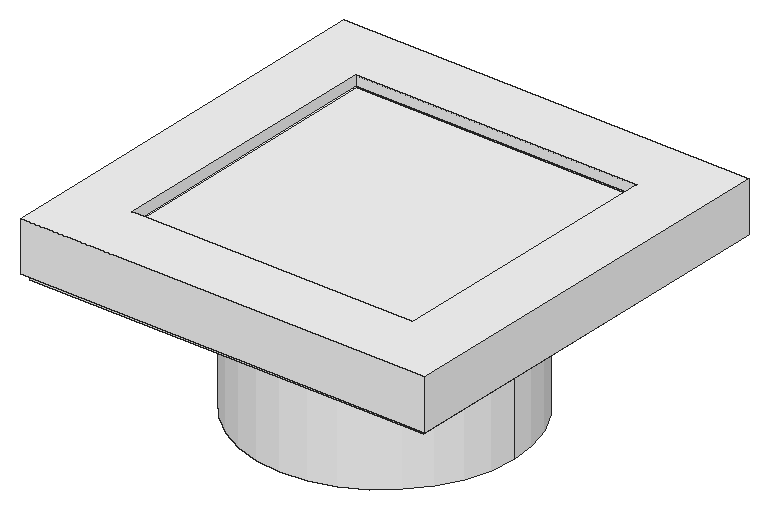
Revit family "Gira_012527", category Electrical Fixtures, host Face, Revit 2017
Family settings
  Host = Face
  Maintain Annotation Orientation = Yes
  Round Connector Dimension = Use Diameter
  Part Type = Normal
  Cut with Voids When Loaded = No
  Shared = No
  Room Calculation Point = No
Parameters (values of type "Tastschalter Serien System 55 Reinweiß m")
  Zusammenstellung = "Basiselement mit zentraler Abdeckplatte"
  White [instance] = White
  Werkstoffgüte = "sonstige"
  Werkstoff = "sonstige"
  Waschmaschinenschalter = "No"
  URL = "http://katalog.gira.de/de_DE/datenblatt.html?artikelnr=012527"
  Textfeld/Beschriftungsfläche = "nein"
  Tastschalter = "Yes"
  Schaltungsart = "Serienschalter"
  Rückmeldekontakt = "No"
  Region = "DE"
  RAL-Nummer (ähnlich) = "9010 "
  Oberfläche = "sonstige"
  Nennspannung = "250 Volt"
  Name = "Tastschalter Serien System 55 Reinweiß m"
  Montageart = "unter Putz"
  Model = "Sys55_Komplettgerät_Schalten und Tasten"
  Mit Montageplatte = "No"
  Manufacturer URL = "https://www.gira.de/"
  HeinzeBIM = "https://bimportal.heinze.de/bim/tastschalter-serien-system-55-reinweiss-m/bc40ca27278c625e5ef9f87467012343735672e1"
  Halogenfrei = "Yes"
  HAN = "012527"
  Geeignet für Schutzart (IP) = "IP20"
  GTIN = "4010337125273"
  Farbe = "weiß"
  Default Elevation = 1219.2 mm
  Data sheet (1) = "https://katalog.gira.de/de_DE/download.html?artikelnr=012527"
  Category = "Installationsschalter"
  Bemessungsstrom = "10 Ampere"
  Beleuchtung = "nein"
  Befestigungsart = "Krallen-/Schraubbefestigung"
  Bedienungsart = "Wippe/Taste"
  Available = "Yes"
  Ausführung der Oberfläche = "matt"
  Anzahl der Module (bei Modulbauweise) = "1 "
  Anzahl der Betätigungswippen = "2 "
  Anschlussart = "Steckklemme"
Reference planes
  plane 1 "Center (Front/Back)": y = 0
  plane 2: z = 0
  plane 3 "Center (Left/Right)": x = 0
Forms (mm)
  Extrusion 1, solid, material "White" <- "White", detail levels medium
    sketch origin (0, 0, 0) x (1, 0, 0) y (0, 1, 0)
      loop
        line (-40.4, 40.4) -> (-40.4, -40.4) -> (40.4, -40.4) -> (40.4, 40.4) -> (-40.4, 40.4)
      loop
        line (-28, 28) -> (-28, -28) -> (28, -28) -> (28, 28) -> (-28, 28)
    from 0 to 10
  Extrusion 2, solid, material "White" <- "White", detail levels fine
    sketch origin (0, 0, 0) x (1, 0, 0) y (0, 1, 0)
      loop
        line (-40.4, 40.4) -> (-40.4, -40.4) -> (40.4, -40.4) -> (40.4, 40.4) -> (-40.4, 40.4)
      loop
        line (-28, 28) -> (-28, -28) -> (28, -28) -> (28, 28) -> (-28, 28)
    from 0 to 10
  Extrusion 3, void
    sketch origin (0, 0, 0) x (1, 0, 0) y (0, 1, 0)
      loop
        line (-38.4, 38.4) -> (-38.4, -38.4) -> (38.4, -38.4) -> (38.4, 38.4) -> (-38.4, 38.4)
    from 0 to 8
  Extrusion 4, solid, material "White" <- "White", detail levels medium+fine
    sketch origin (0, 0, 0) x (1, 0, 0) y (0, 1, 0)
      loop
        line (-39.4, 39.4) -> (-39.4, -39.4) -> (39.4, -39.4) -> (39.4, 39.4) -> (-39.4, 39.4)
    from 0 to -1
  Extrusion 5, solid, material "White" <- "White", detail levels medium+fine
    sketch origin (0, 0, 0) x (1, 0, 0) y (0, 1, 0)
      loop
        line (-35.5, 35.5) -> (-35.5, -35.5) -> (35.5, -35.5) -> (35.5, 35.5) -> (-35.5, 35.5)
    from -2 to -3
  Extrusion 6, solid, material "White" <- "White", detail levels medium+fine
    sketch origin (0, 0, 0) x (1, 0, 0) y (0, 1, 0)
      loop
        circle (0, 0) r 26
    from 0 to -27.5
  Extrusion 7, solid, material "White" <- "White", detail levels coarse
    sketch origin (0, 0, 0) x (1, 0, 0) y (0, 1, 0)
      loop
        line (-40.4, 40.4) -> (-40.4, -40.4) -> (40.4, -40.4) -> (40.4, 40.4) -> (-40.4, 40.4)
    from -27.5 to 10
Cuts and joins
  Extrusion 3 cuts Extrusion 2
Dimensions and locks
  aligned and locked: plane 2 to host face
  aligned and locked: level to host face
  aligned and locked: plane 3 "Center (Left/Right)" to nested 2
  aligned and locked: plane 1 "Center (Front/Back)" to nested 2
Nested families
  nested 1: "Sys55_Abdeckung_Schalten und Tasten_floor_base" at (0, 0, 0), type "Sys55_Abdeckung_Schalten und Tasten_floor_base"
  nested 2: "Schalter" at (0, 0, 0), type "Schalter"
Connectors
  electrical at (0, 0, -27.5)
    settings: on Extrusion 6, index 1, voltage 220 V, apparent load 0 VA, apparent load phase1 0 VA, apparent load phase2 0 VA, apparent load phase3 0 VA, power factor 1, load classification "Other", number of poles 1, system type 30, power factor state 1, is connector primary yes, connector utility no, sub classification motor no, connector description ""
Definition of nested family "Sys55_Abdeckung_Schalten und Tasten_floor_base"
  Parameters
    Default Elevation = 1219.2 mm
    White [instance] = none
  Reference planes
    plane 1 "Center (Front/Back)": y = 0
    plane 2: z = 0
    plane 3 "Center (Left/Right)": x = 0
  Forms (mm)
    Extrusion 1, solid
      sketch origin (0, 0, 0) x (1, 0, 0) y (0, 1, 0)
        loop
          line (-1219.2, 1219.2) -> (-1219.2, -1219.2) -> (1219.2, -1219.2) -> (1219.2, 1219.2) -> (-1219.2, 1219.2)
      from 0 to -304.8
    Extrusion 2, solid, material <- "White", detail levels fine
      sketch origin (0, 0, 0) x (1, 0, 0) y (0, 1, 0)
        loop
          line (-27.5, 27.5) -> (-27.5, -27.5) -> (27.5, -27.5) -> (27.5, 27.5) -> (-27.5, 27.5)
      from 0 to 8
    Extrusion 3, void
      sketch origin (0, 0, 0) x (1, 0, 0) y (0, 1, 0)
        loop
          line (26, 26) -> (-26, 26) -> (-26, -26) -> (26, -26) -> (26, 26)
      from 0 to 6
    Extrusion 4, solid, material <- "White", detail levels medium
      sketch origin (0, 0, 0) x (1, 0, 0) y (0, 1, 0)
        loop
          line (-27.5, 27.5) -> (-27.5, -27.5) -> (27.5, -27.5) -> (27.5, 27.5) -> (-27.5, 27.5)
      from 0 to 8
    Extrusion 5, solid, material <- "White", detail levels medium
      sketch origin (0, 0, 0) x (1, 0, 0) y (0, 1, 0)
        loop
          line (11, -17.5) -> (11, 17.5) -> (-11, 17.5) -> (-11, -17.5) -> (11, -17.5)
      from -6 to 6
    Extrusion 6, solid, material <- "White", detail levels fine
      sketch origin (0, 0, 0) x (1, 0, 0) y (0, 1, 0)
        loop
          line (11, 17.5) -> (-11, 17.5) -> (-11, 16.5) -> (11, 16.5) -> (11, 17.5)
        loop
          line (-11, -16.5) -> (-11, -17.5) -> (11, -17.5) -> (11, -16.5) -> (-11, -16.5)
      from -4 to 6
    Extrusion 7, solid, material <- "White", detail levels fine
      sketch origin (0, 0, 0) x (1, 0, 0) y (0, 1, 0)
        loop
          arc (5, 9.347) -> (0, 10.6) -> (-5, 9.347) r 10.6
          line (-5, 9.347) -> (-5, -9.347)
          arc (-5, -9.347) -> (0, -10.6) -> (5, -9.347) r 10.6
          line (5, -9.347) -> (5, 9.347)
      from -6 to 6
    Extrusion 8, solid, material <- "White", detail levels coarse
      sketch origin (0, 0, 0) x (1, 0, 0) y (0, 1, 0)
        loop
          line (-27.5, 27.5) -> (-27.5, -27.5) -> (27.5, -27.5) -> (27.5, 27.5) -> (-27.5, 27.5)
      from -6 to 8
  Cuts and joins
    Extrusion 3 cuts Extrusion 2
  Dimensions and locks
    aligned and locked: plane 2 to Extrusion 1
    aligned and locked: level to Extrusion 1
Definition of nested family "Schalter"
  Reference planes
    plane 1: y = 0
    plane 2: x = 0
  Lines and regions (mm)
    detail lines
      curve 1: circle (1.375, 2.778, 0) r 0.8 normal (0, 0, 1)
      curve 2: line (1.021, 2.061, 0) -> (0, 0, 0)
      curve 3: line (0, 0, 0) -> (-0.538, 0.266, 0)
  Dimensions and locks
    curve 2 to curve 2 = 2.3 mm
    curve 3 to curve 2 = 0.6 mm
    radius of curve 1 = 0.8 mm
